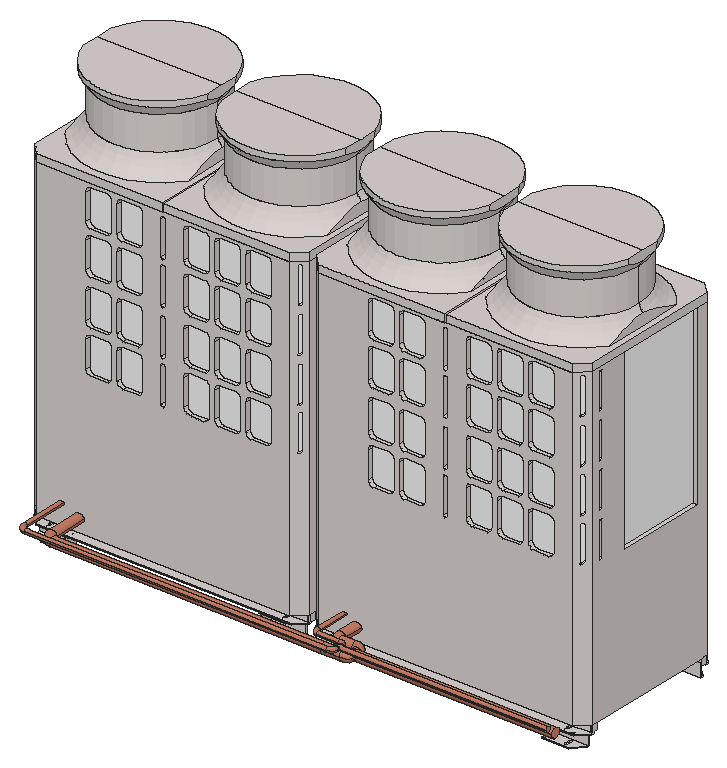
Revit family "PUHY-EP900YSNW-A", category Mechanical Equipment, Revit 2012
Parameters (values of type "PUHY-EP900YSNW-A_380V_50Hz")
  WarrantyStart = ""
  TagNumber = 0
  Sound Pressure Level (dB(A)) Heating mode = 72.5
  Sound Pressure Level (dB(A)) Cooling mode = 68.5
  Model = "PUHY-EP900YSNW-A"
  Width = 2510 mm
  Voltage = 380 V
  Unit Weight (kg) = 610
  URL = "http://www.mitsubishielectric.com/"
  Temp. range of heating (Outdoor temp.) (W.B.) = "-20.0 to 15.5"
  Temp. range of heating (Indoor temp.) (D.B.) = "15.0 to 27.0"
  Subcategory = "HVAC"
  Space View = yes
  SerialNumber = 0
  ReplacementYear = ""
  Refrigerant type = "R410A"
  Refrigerant Charge (kg) = 21.6
  Protection Devices_Inverter circuit (COMP./FAN) = "Over-heat protection, Over-current protection"
  Protection Devices_High pressure (MPa) = "High pressure sensor, High pressure switch at 4.15"
  Phase = 3
  Manufacturer = "Mitsubishi Electric Corporation"
  Outdoor unit 2 = PUHY-EP450YNW-A : PUHY-EP450YNW-A
  Outdoor unit 1 = PUHY-EP450YNW-A : PUHY-EP450YNW-A
  Note_1 = "Refrigerant pipe diameters may change depending on the installation condition. Please refer to the installation manual."
  Maximum Circuit Ampacity (A) = 67.4
  Liquid pipe_radius = 9.525 mm
  InstallationDate = ""
  Indoor Unit Total Capacity = "50 to 130% of outdoor unit capacity"
  Indoor Unit Model/Quantity = "P15 to P250/2 to 50"
  Hertz = 50 Hz
  Height = 1858 mm
  Heating Power Input (kW) = 27.07
  Heating Current (A) = 45.6
  Heating Capacity (kW) = 113
  Heating COP (kW/kW) = 4.17
  Gas pipe_radius = 20.64 mm
  Fan_Type = "Propeller Fan"
  Fan_Quantity = 4
  Fan Motor Output (kW) = 1.84
  External static pressure (Pa) = 0
  External Finish = "Pre-coated galvanized steel sheets (+powder coating for -BS type) <MUNSELL 5Y 8/1 or similar>"
  Equip_description = ""
  Equip_No. = 0
  Equip_ID = ""
  Description = ""
  Depth = 740 mm
  CreatedOn = ""
  CreatedBy = ""
  Cooling Power Input (kW) = 23.1
  Cooling EER (kW/kW) = 4.37
  Cooling Current (A) = 38.9
  Cooling Capacity (kW) = 101
  Compressor_Type = "Inverter scroll hermetic compressor"
  Compressor_Quantity = 2
  Compressor_Lubricant = "MEL32"
  Compressor Motor Output (kW) = 24.8
  Category = ""
  Barcode = ""
  AssetIdentifier = ""
  Airflow Rate (m3/min) = 610
  Airflow Rate (m3/h) = 36600
Reference planes
  plane 1 "Center (Front/Back)": y = 0
  plane 2: z = 0
  plane 3 "Center (Left/Right)": x = 0
  plane 4: y = 370
  plane 5 "front": y = -370
  plane 6: x = -1255
  plane 7: x = 1255
  plane 8: x = 15
  plane 9: x = -15
  plane 10: z = 1858
Forms (mm)
  Sweep 1, solid, material "Copper"
    path origin (1017.215, -4.248, 187) x (0, -1, 0) y (1, 0, 0)
      loop
        line (360, -2112.386) -> (570, -2112.386)
        arc (570, -2112.386) -> (591.213, -2103.6) -> (600, -2082.386) r 30
        line (600, -2082.386) -> (600, -725.507)
        arc (600, -725.507) -> (594.142, -711.365) -> (580, -705.507) r 20
        line (580, -705.507) -> (552.385, -705.507)
        arc (552.385, -705.507) -> (538.243, -711.365) -> (532.385, -725.507) r 20
        line (532.385, -725.507) -> (532.385, -821.501)
        arc (532.385, -821.501) -> (526.527, -835.643) -> (512.385, -841.501) r 20
        line (512.385, -841.501) -> (357.385, -841.501)
    profile origin (-1095.172, -469.248, 187) x (1, 0, 0) y (0, 0, 1)
      loop
        circle (0, 0) r 9.525
  Sweep 2, solid, material "Copper"
    path origin (1039.386, -4.248, 155) x (0, -1, 0) y (1, 0, 0)
      loop
        line (360, -2053) -> (520, -2053)
        arc (520, -2053) -> (544.749, -2042.749) -> (555, -2018) r 35
        line (555, -2018) -> (555, -800.253) -> (555, -715.076)
        arc (555, -715.076) -> (547.678, -697.398) -> (530, -690.076) r 25
        line (530, -690.076) -> (510, -690.076)
        arc (510, -690.076) -> (488.787, -698.863) -> (480, -720.076) r 30
        line (480, -720.076) -> (480, -781.253)
        arc (480, -781.253) -> (472.678, -798.931) -> (455, -806.253) r 25
        line (455, -806.253) -> (360, -806.253)
    profile origin (-1013.614, -444.248, 155) x (1, 0, 0) y (0, 0, 1)
      loop
        circle (0, 0) r 20.64
  Sweep 3, solid, material "Copper"
    path origin (934.386, -4.248, 187) x (0, -1, 0) y (1, 0, 0)
      loop
        line (565.96, -620) -> (565.96, 320.614)
    profile origin (784.693, -570.208, 187) x (0, 1, 0) y (0, 0, 1)
      loop
        circle (0, 0) r 9.525
  Sweep 4, solid, material "Copper"
    path origin (934.386, -4.248, 155.027) x (-1, 0, 0) y (0, -1, 0)
      loop
        line (585, 523.84) -> (-320, 523.84)
    profile origin (801.886, -528.088, 155.027) x (0, 1, 0) y (0, 0, 1)
      loop
        circle (0, 0) r 20.64
Dimensions and locks
  nested 1 to nested 1 = 1240 mm
  nested 1 to nested 2 to nested 2 = 30 mm, 1240 mm
  "Liquid pipe_radius": radius of Sweep 3 sketch curve
  "Gas pipe_radius": radius of Sweep 4 sketch curve
  aligned and locked: level to plane 2
Automatic sketch dimensions
  Sweep 1 sketch curve to plane 5 "front" = 8.366 mm
  Sweep 1 sketch curve to plane 5 "front" = 5.752 mm
  plane 5 "front" to Sweep 1 sketch curve = 146.634 mm
  Sweep 1 sketch curve to Sweep 1 sketch curve = 20 mm  (x2)
  plane 5 "front" to Sweep 1 sketch curve = 204.248 mm
  Sweep 1 sketch curve to Sweep 1 sketch curve = 27.615 mm
  Sweep 1 sketch curve to Sweep 1 sketch curve = 30 mm
  plane 6 to Sweep 1 sketch curve = 159.828 mm
  plane 3 "Center (Left/Right)" to Sweep 1 sketch curve = 175.714 mm
  Sweep 1 sketch curve to Sweep 1 sketch curve = 95.994 mm
  profile plane to Sweep 1 sketch curve = 0 mm
  Sweep 1 sketch curve to profile plane = 0 mm
  profile plane to Sweep 2 sketch curve = 0 mm
  Sweep 2 sketch curve to profile plane = 0 mm
  Sweep 3 sketch curve to profile plane = 0 mm  (x2)
  Sweep 4 sketch curve to profile plane = 0 mm  (x2)
  Sweep 3 sketch curve to plane 7 = 0 mm
  plane 5 "front" to Sweep 3 sketch curve = 200.208 mm
  plane 8 to Sweep 3 sketch curve = 299.386 mm
  Sweep 4 sketch curve to plane 7 = 0.614 mm
  plane 5 "front" to Sweep 4 sketch curve = 158.088 mm
  plane 8 to Sweep 4 sketch curve = 334.386 mm
  Sweep 2 sketch curve to plane 5 "front" = 5.752 mm  (x2)
  plane 5 "front" to Sweep 2 sketch curve = 89.248 mm
  Sweep 2 sketch curve to Sweep 2 sketch curve = 25 mm
  plane 5 "front" to Sweep 2 sketch curve = 154.248 mm
  Sweep 2 sketch curve to Sweep 2 sketch curve = 20 mm
  Sweep 2 sketch curve to Sweep 2 sketch curve = 35 mm
  plane 6 to Sweep 2 sketch curve = 241.386 mm
  plane 8 to Sweep 2 sketch curve = 218.134 mm
  Sweep 2 sketch curve to Sweep 2 sketch curve = 19 mm
  Sweep 2 sketch curve to Sweep 2 sketch curve = 61.177 mm
  Sweep 2 sketch curve to Sweep 2 sketch curve = 30 mm
  radius of Sweep 1 sketch curve = 9.525 mm
  radius of Sweep 2 sketch curve = 20.64 mm
Nested families
  nested 1: "PUHY-EP450YNW-A" at (-635, 0, 0), type <- "Outdoor unit 1", type "PUHY-EP450YNW-A"
  nested 2: "PUHY-EP450YNW-A" at (635, 0, 0), type <- "Outdoor unit 2", type "PUHY-EP450YNW-A"
Connectors
  piping at (1254.386, -528.088, 155.027), driven by "Gas pipe_radius"
    settings: on Sweep 4, index 1, connector radius 20.64 mm, flow factor 0, pipe flow 0.0 L/s, pressure drop 0.0 Pa, fitting loss kfactor 0, connector angle 0.00°, fixture units 0, engagement length 0 mm, flow configuration 0, flow direction 0, fitting loss method 0, system type 22, joint type 0, gender type 0, connector reference index -1, connector utility 0, adjustable connector no, is connector primary yes, fitting loss table "", connector description "Indoor unit-Twinning pipe(Gas)"
  piping at (1255, -570.208, 187), driven by "Liquid pipe_radius"
    settings: on Sweep 3, index 2, connector radius 9.525 mm, flow factor 0, pipe flow 0.0 L/s, pressure drop 0.0 Pa, fitting loss kfactor 0, connector angle 0.00°, fixture units 0, engagement length 0 mm, flow configuration 0, flow direction 0, fitting loss method 0, system type 22, joint type 0, gender type 0, connector reference index -1, connector utility 0, adjustable connector no, is connector primary no, fitting loss table "", connector description "Indoor unit-Twinning pipe(Liquid)"
  electrical at (319, -370, 280), driven by "Phase", driven by "Voltage"
    settings: index 4, voltage 380 V, apparent load 0 VA, apparent load phase1 0 VA, apparent load phase2 0 VA, apparent load phase3 0 VA, power factor 1, load classification "その他", number of poles 3, system type 30, power factor state 1, is connector primary yes, connector utility no, sub classification motor no, connector description ""
  electrical at (-633, -370, 280), driven by "Phase", driven by "Voltage"
    settings: index 5, voltage 380 V, apparent load 0 VA, apparent load phase1 0 VA, apparent load phase2 0 VA, apparent load phase3 0 VA, power factor 1, load classification "その他", number of poles 3, system type 30, power factor state 1, is connector primary no, connector utility no, sub classification motor no, connector description ""
Definition of nested family "PUHY-EP450YNW-A"
  Parameters (values of type "PUHY-P400YNW-A")
    Model = "PUHY-P400YNW-A"
    URL = "http://www.mitsubishielectric.com/"
    Manufacturer = "Mitsubishi Electric Corporation"
    Liquid pipe_radius = 12.7 mm
    Gas pipe_radius = 14.29 mm
  Reference planes
    plane 1 "Center (Front/Back)": y = 0
    plane 2: z = 0
    plane 3 "Center (Left/Right)": x = 0
    plane 4: y = 370
    plane 5: z = 1858
    plane 6: y = -260
    plane 7: y = -204
    plane 8: y = -185
    plane 9: x = -620
    plane 10: x = 620
    plane 11: x = -620
    plane 12: z = 716
    plane 13: x = -524
    plane 14: z = 669
    plane 15: x = -50.5
    plane 16: x = 51
    plane 17: x = 489
    plane 18: x = 467
    plane 19 "132": x = 488
    plane 20 "100": z = 160
    plane 21: z = 185
    plane 22: x = 413
    plane 23: x = 364
    plane 24: z = 150
    plane 25: x = -287.25
    plane 26: x = -137.25
    plane 27: x = -272.25
    plane 28: y = -278
    plane 29: z = 1509
    plane 30: y = -370
    plane 31: x = -530
    plane 32: x = 530
    plane 33 "179": y = -191
  Forms (mm)
    Extrusion 1, solid, material "Paint_5Y 8/1"
      sketch origin (-1, 0, 113) x (-1, 0, 0) y (0, -1, 0)
        loop
          line (569, -370) -> (619, -320) -> (619, 320) -> (569, 370) -> (-571, 370) -> (-621, 320) -> (-621, -320) -> (-571, -370) -> (569, -370)
      from -18 to 1408
    Extrusion 2, void
      sketch origin (524, -370, 113) x (1, 0, 0) y (0, 0, -1)
        loop
          arc (-60.8, -1393.5) -> (-42.557, -1385.943) -> (-35, -1367.7) r 25.8
          line (-35, -1367.7) -> (-35, -1248.5)
          arc (-35, -1248.5) -> (-42.557, -1230.257) -> (-60.8, -1222.7) r 25.8
          line (-60.8, -1222.7) -> (-126, -1222.7)
          arc (-126, -1222.7) -> (-144.243, -1230.257) -> (-151.8, -1248.5) r 25.8
          line (-151.8, -1248.5) -> (-151.8, -1367.7)
          arc (-151.8, -1367.7) -> (-144.243, -1385.943) -> (-126, -1393.5) r 25.8
          line (-126, -1393.5) -> (-60.8, -1393.5)
      from 0 to 20
    Extrusion 3, void
      sketch origin (524, -370, -81) x (1, 0, 0) y (0, 0, -1)
        loop
          arc (-60.8, -1393.5) -> (-42.557, -1385.943) -> (-35, -1367.7) r 25.8
          line (-35, -1367.7) -> (-35, -1248.5)
          arc (-35, -1248.5) -> (-42.557, -1230.257) -> (-60.8, -1222.7) r 25.8
          line (-60.8, -1222.7) -> (-126, -1222.7)
          arc (-126, -1222.7) -> (-144.243, -1230.257) -> (-151.8, -1248.5) r 25.8
          line (-151.8, -1248.5) -> (-151.8, -1367.7)
          arc (-151.8, -1367.7) -> (-144.243, -1385.943) -> (-126, -1393.5) r 25.8
          line (-126, -1393.5) -> (-60.8, -1393.5)
      from 0 to 20
    Extrusion 4, void
      sketch origin (524, -370, -287) x (1, 0, 0) y (0, 0, -1)
        loop
          arc (-60.8, -1393.5) -> (-42.557, -1385.943) -> (-35, -1367.7) r 25.8
          line (-35, -1367.7) -> (-35, -1248.5)
          arc (-35, -1248.5) -> (-42.557, -1230.257) -> (-60.8, -1222.7) r 25.8
          line (-60.8, -1222.7) -> (-126, -1222.7)
          arc (-126, -1222.7) -> (-144.243, -1230.257) -> (-151.8, -1248.5) r 25.8
          line (-151.8, -1248.5) -> (-151.8, -1367.7)
          arc (-151.8, -1367.7) -> (-144.243, -1385.943) -> (-126, -1393.5) r 25.8
          line (-126, -1393.5) -> (-60.8, -1393.5)
      from 0 to 20
    Extrusion 5, void
      sketch origin (524, -370, -481) x (1, 0, 0) y (0, 0, -1)
        loop
          arc (-60.8, -1393.5) -> (-42.557, -1385.943) -> (-35, -1367.7) r 25.8
          line (-35, -1367.7) -> (-35, -1248.5)
          arc (-35, -1248.5) -> (-42.557, -1230.257) -> (-60.8, -1222.7) r 25.8
          line (-60.8, -1222.7) -> (-126, -1222.7)
          arc (-126, -1222.7) -> (-144.243, -1230.257) -> (-151.8, -1248.5) r 25.8
          line (-151.8, -1248.5) -> (-151.8, -1367.7)
          arc (-151.8, -1367.7) -> (-144.243, -1385.943) -> (-126, -1393.5) r 25.8
          line (-126, -1393.5) -> (-60.8, -1393.5)
      from 0 to 20
    Extrusion 6, void
      sketch origin (384, -370, 113) x (1, 0, 0) y (0, 0, -1)
        loop
          arc (-60.8, -1393.5) -> (-42.557, -1385.943) -> (-35, -1367.7) r 25.8
          line (-35, -1367.7) -> (-35, -1248.5)
          arc (-35, -1248.5) -> (-42.557, -1230.257) -> (-60.8, -1222.7) r 25.8
          line (-60.8, -1222.7) -> (-126, -1222.7)
          arc (-126, -1222.7) -> (-144.243, -1230.257) -> (-151.8, -1248.5) r 25.8
          line (-151.8, -1248.5) -> (-151.8, -1367.7)
          arc (-151.8, -1367.7) -> (-144.243, -1385.943) -> (-126, -1393.5) r 25.8
          line (-126, -1393.5) -> (-60.8, -1393.5)
      from 0 to 20
    Extrusion 7, void
      sketch origin (384, -370, -81) x (1, 0, 0) y (0, 0, -1)
        loop
          arc (-60.8, -1393.5) -> (-42.557, -1385.943) -> (-35, -1367.7) r 25.8
          line (-35, -1367.7) -> (-35, -1248.5)
          arc (-35, -1248.5) -> (-42.557, -1230.257) -> (-60.8, -1222.7) r 25.8
          line (-60.8, -1222.7) -> (-126, -1222.7)
          arc (-126, -1222.7) -> (-144.243, -1230.257) -> (-151.8, -1248.5) r 25.8
          line (-151.8, -1248.5) -> (-151.8, -1367.7)
          arc (-151.8, -1367.7) -> (-144.243, -1385.943) -> (-126, -1393.5) r 25.8
          line (-126, -1393.5) -> (-60.8, -1393.5)
      from 0 to 20
    Extrusion 8, void
      sketch origin (384, -370, -287) x (1, 0, 0) y (0, 0, -1)
        loop
          arc (-60.8, -1393.5) -> (-42.557, -1385.943) -> (-35, -1367.7) r 25.8
          line (-35, -1367.7) -> (-35, -1248.5)
          arc (-35, -1248.5) -> (-42.557, -1230.257) -> (-60.8, -1222.7) r 25.8
          line (-60.8, -1222.7) -> (-126, -1222.7)
          arc (-126, -1222.7) -> (-144.243, -1230.257) -> (-151.8, -1248.5) r 25.8
          line (-151.8, -1248.5) -> (-151.8, -1367.7)
          arc (-151.8, -1367.7) -> (-144.243, -1385.943) -> (-126, -1393.5) r 25.8
          line (-126, -1393.5) -> (-60.8, -1393.5)
      from 0 to 20
    Extrusion 9, void
      sketch origin (384, -370, -481) x (1, 0, 0) y (0, 0, -1)
        loop
          arc (-60.8, -1393.5) -> (-42.557, -1385.943) -> (-35, -1367.7) r 25.8
          line (-35, -1367.7) -> (-35, -1248.5)
          arc (-35, -1248.5) -> (-42.557, -1230.257) -> (-60.8, -1222.7) r 25.8
          line (-60.8, -1222.7) -> (-126, -1222.7)
          arc (-126, -1222.7) -> (-144.243, -1230.257) -> (-151.8, -1248.5) r 25.8
          line (-151.8, -1248.5) -> (-151.8, -1367.7)
          arc (-151.8, -1367.7) -> (-144.243, -1385.943) -> (-126, -1393.5) r 25.8
          line (-126, -1393.5) -> (-60.8, -1393.5)
      from 0 to 20
    Extrusion 10, void
      sketch origin (244, -370, 113) x (1, 0, 0) y (0, 0, -1)
        loop
          arc (-60.8, -1393.5) -> (-42.557, -1385.943) -> (-35, -1367.7) r 25.8
          line (-35, -1367.7) -> (-35, -1248.5)
          arc (-35, -1248.5) -> (-42.557, -1230.257) -> (-60.8, -1222.7) r 25.8
          line (-60.8, -1222.7) -> (-126, -1222.7)
          arc (-126, -1222.7) -> (-144.243, -1230.257) -> (-151.8, -1248.5) r 25.8
          line (-151.8, -1248.5) -> (-151.8, -1367.7)
          arc (-151.8, -1367.7) -> (-144.243, -1385.943) -> (-126, -1393.5) r 25.8
          line (-126, -1393.5) -> (-60.8, -1393.5)
      from 0 to 20
    Extrusion 11, void
      sketch origin (244, -370, -81) x (1, 0, 0) y (0, 0, -1)
        loop
          arc (-60.8, -1393.5) -> (-42.557, -1385.943) -> (-35, -1367.7) r 25.8
          line (-35, -1367.7) -> (-35, -1248.5)
          arc (-35, -1248.5) -> (-42.557, -1230.257) -> (-60.8, -1222.7) r 25.8
          line (-60.8, -1222.7) -> (-126, -1222.7)
          arc (-126, -1222.7) -> (-144.243, -1230.257) -> (-151.8, -1248.5) r 25.8
          line (-151.8, -1248.5) -> (-151.8, -1367.7)
          arc (-151.8, -1367.7) -> (-144.243, -1385.943) -> (-126, -1393.5) r 25.8
          line (-126, -1393.5) -> (-60.8, -1393.5)
      from 0 to 20
    Extrusion 12, void
      sketch origin (244, -370, -287) x (1, 0, 0) y (0, 0, -1)
        loop
          arc (-60.8, -1393.5) -> (-42.557, -1385.943) -> (-35, -1367.7) r 25.8
          line (-35, -1367.7) -> (-35, -1248.5)
          arc (-35, -1248.5) -> (-42.557, -1230.257) -> (-60.8, -1222.7) r 25.8
          line (-60.8, -1222.7) -> (-126, -1222.7)
          arc (-126, -1222.7) -> (-144.243, -1230.257) -> (-151.8, -1248.5) r 25.8
          line (-151.8, -1248.5) -> (-151.8, -1367.7)
          arc (-151.8, -1367.7) -> (-144.243, -1385.943) -> (-126, -1393.5) r 25.8
          line (-126, -1393.5) -> (-60.8, -1393.5)
      from 0 to 20
    Extrusion 13, void
      sketch origin (244, -370, -481) x (1, 0, 0) y (0, 0, -1)
        loop
          arc (-60.8, -1393.5) -> (-42.557, -1385.943) -> (-35, -1367.7) r 25.8
          line (-35, -1367.7) -> (-35, -1248.5)
          arc (-35, -1248.5) -> (-42.557, -1230.257) -> (-60.8, -1222.7) r 25.8
          line (-60.8, -1222.7) -> (-126, -1222.7)
          arc (-126, -1222.7) -> (-144.243, -1230.257) -> (-151.8, -1248.5) r 25.8
          line (-151.8, -1248.5) -> (-151.8, -1367.7)
          arc (-151.8, -1367.7) -> (-144.243, -1385.943) -> (-126, -1393.5) r 25.8
          line (-126, -1393.5) -> (-60.8, -1393.5)
      from 0 to 20
    Extrusion 14, void
      sketch origin (-56, -370, 113) x (1, 0, 0) y (0, 0, -1)
        loop
          arc (-60.8, -1393.5) -> (-42.557, -1385.943) -> (-35, -1367.7) r 25.8
          line (-35, -1367.7) -> (-35, -1248.5)
          arc (-35, -1248.5) -> (-42.557, -1230.257) -> (-60.8, -1222.7) r 25.8
          line (-60.8, -1222.7) -> (-126, -1222.7)
          arc (-126, -1222.7) -> (-144.243, -1230.257) -> (-151.8, -1248.5) r 25.8
          line (-151.8, -1248.5) -> (-151.8, -1367.7)
          arc (-151.8, -1367.7) -> (-144.243, -1385.943) -> (-126, -1393.5) r 25.8
          line (-126, -1393.5) -> (-60.8, -1393.5)
      from 0 to 20
    Extrusion 15, void
      sketch origin (-56, -370, -81) x (1, 0, 0) y (0, 0, -1)
        loop
          arc (-60.8, -1393.5) -> (-42.557, -1385.943) -> (-35, -1367.7) r 25.8
          line (-35, -1367.7) -> (-35, -1248.5)
          arc (-35, -1248.5) -> (-42.557, -1230.257) -> (-60.8, -1222.7) r 25.8
          line (-60.8, -1222.7) -> (-126, -1222.7)
          arc (-126, -1222.7) -> (-144.243, -1230.257) -> (-151.8, -1248.5) r 25.8
          line (-151.8, -1248.5) -> (-151.8, -1367.7)
          arc (-151.8, -1367.7) -> (-144.243, -1385.943) -> (-126, -1393.5) r 25.8
          line (-126, -1393.5) -> (-60.8, -1393.5)
      from 0 to 20
    Extrusion 16, void
      sketch origin (-56, -370, -287) x (1, 0, 0) y (0, 0, -1)
        loop
          arc (-60.8, -1393.5) -> (-42.557, -1385.943) -> (-35, -1367.7) r 25.8
          line (-35, -1367.7) -> (-35, -1248.5)
          arc (-35, -1248.5) -> (-42.557, -1230.257) -> (-60.8, -1222.7) r 25.8
          line (-60.8, -1222.7) -> (-126, -1222.7)
          arc (-126, -1222.7) -> (-144.243, -1230.257) -> (-151.8, -1248.5) r 25.8
          line (-151.8, -1248.5) -> (-151.8, -1367.7)
          arc (-151.8, -1367.7) -> (-144.243, -1385.943) -> (-126, -1393.5) r 25.8
          line (-126, -1393.5) -> (-60.8, -1393.5)
      from 0 to 20
    Extrusion 17, void
      sketch origin (-56, -370, -481) x (1, 0, 0) y (0, 0, -1)
        loop
          arc (-60.8, -1393.5) -> (-42.557, -1385.943) -> (-35, -1367.7) r 25.8
          line (-35, -1367.7) -> (-35, -1248.5)
          arc (-35, -1248.5) -> (-42.557, -1230.257) -> (-60.8, -1222.7) r 25.8
          line (-60.8, -1222.7) -> (-126, -1222.7)
          arc (-126, -1222.7) -> (-144.243, -1230.257) -> (-151.8, -1248.5) r 25.8
          line (-151.8, -1248.5) -> (-151.8, -1367.7)
          arc (-151.8, -1367.7) -> (-144.243, -1385.943) -> (-126, -1393.5) r 25.8
          line (-126, -1393.5) -> (-60.8, -1393.5)
      from 0 to 20
    Extrusion 18, void
      sketch origin (-196, -370, 113) x (1, 0, 0) y (0, 0, -1)
        loop
          arc (-60.8, -1393.5) -> (-42.557, -1385.943) -> (-35, -1367.7) r 25.8
          line (-35, -1367.7) -> (-35, -1248.5)
          arc (-35, -1248.5) -> (-42.557, -1230.257) -> (-60.8, -1222.7) r 25.8
          line (-60.8, -1222.7) -> (-126, -1222.7)
          arc (-126, -1222.7) -> (-144.243, -1230.257) -> (-151.8, -1248.5) r 25.8
          line (-151.8, -1248.5) -> (-151.8, -1367.7)
          arc (-151.8, -1367.7) -> (-144.243, -1385.943) -> (-126, -1393.5) r 25.8
          line (-126, -1393.5) -> (-60.8, -1393.5)
      from 0 to 20
    Extrusion 19, void
      sketch origin (-196, -370, -81) x (1, 0, 0) y (0, 0, -1)
        loop
          arc (-60.8, -1393.5) -> (-42.557, -1385.943) -> (-35, -1367.7) r 25.8
          line (-35, -1367.7) -> (-35, -1248.5)
          arc (-35, -1248.5) -> (-42.557, -1230.257) -> (-60.8, -1222.7) r 25.8
          line (-60.8, -1222.7) -> (-126, -1222.7)
          arc (-126, -1222.7) -> (-144.243, -1230.257) -> (-151.8, -1248.5) r 25.8
          line (-151.8, -1248.5) -> (-151.8, -1367.7)
          arc (-151.8, -1367.7) -> (-144.243, -1385.943) -> (-126, -1393.5) r 25.8
          line (-126, -1393.5) -> (-60.8, -1393.5)
      from 0 to 20
    Extrusion 20, void
      sketch origin (-196, -370, -287) x (1, 0, 0) y (0, 0, -1)
        loop
          arc (-60.8, -1393.5) -> (-42.557, -1385.943) -> (-35, -1367.7) r 25.8
          line (-35, -1367.7) -> (-35, -1248.5)
          arc (-35, -1248.5) -> (-42.557, -1230.257) -> (-60.8, -1222.7) r 25.8
          line (-60.8, -1222.7) -> (-126, -1222.7)
          arc (-126, -1222.7) -> (-144.243, -1230.257) -> (-151.8, -1248.5) r 25.8
          line (-151.8, -1248.5) -> (-151.8, -1367.7)
          arc (-151.8, -1367.7) -> (-144.243, -1385.943) -> (-126, -1393.5) r 25.8
          line (-126, -1393.5) -> (-60.8, -1393.5)
      from 0 to 20
    Extrusion 21, void
      sketch origin (-196, -370, -481) x (1, 0, 0) y (0, 0, -1)
        loop
          arc (-60.8, -1393.5) -> (-42.557, -1385.943) -> (-35, -1367.7) r 25.8
          line (-35, -1367.7) -> (-35, -1248.5)
          arc (-35, -1248.5) -> (-42.557, -1230.257) -> (-60.8, -1222.7) r 25.8
          line (-60.8, -1222.7) -> (-126, -1222.7)
          arc (-126, -1222.7) -> (-144.243, -1230.257) -> (-151.8, -1248.5) r 25.8
          line (-151.8, -1248.5) -> (-151.8, -1367.7)
          arc (-151.8, -1367.7) -> (-144.243, -1385.943) -> (-126, -1393.5) r 25.8
          line (-126, -1393.5) -> (-60.8, -1393.5)
      from 0 to 20
    Extrusion 22, void
      sketch origin (620, 320, 113) x (0, 1, 0) y (0, 0, -1)
        loop
          line (-462.3, -1408) -> (-50.8, -1408) -> (-50.8, -612) -> (-462.3, -612) -> (-462.3, -1408)
      from 0 to 20
    Extrusion 23, void
      sketch origin (-620, -320, 113) x (0, -1, 0) y (0, 0, -1)
        loop
          line (-535.7, -1408) -> (-207.7, -1408) -> (-207.7, -592) -> (-535.7, -592) -> (-535.7, -1408)
      from 0 to 20
    Extrusion 24, void
      sketch origin (194.892, 370, 113) x (-1, 0, 0) y (0, 0, -1)
        loop
          arc (204.892, -1225.013) -> (194.892, -1215.013) -> (184.892, -1225.013) r 10
          line (184.892, -1225.013) -> (184.892, -1379.987)
          arc (184.892, -1379.987) -> (194.892, -1389.987) -> (204.892, -1379.987) r 10
          line (204.892, -1379.987) -> (204.892, -1225.013)
        loop
          arc (204.892, -1031.013) -> (194.892, -1021.013) -> (184.892, -1031.013) r 10
          line (184.892, -1031.013) -> (184.892, -1185.987)
          arc (184.892, -1185.987) -> (194.892, -1195.987) -> (204.892, -1185.987) r 10
          line (204.892, -1185.987) -> (204.892, -1031.013)
        loop
          arc (204.892, -825.013) -> (194.892, -815.013) -> (184.892, -825.013) r 10
          line (184.892, -825.013) -> (184.892, -979.987)
          arc (184.892, -979.987) -> (194.892, -989.987) -> (204.892, -979.987) r 10
          line (204.892, -979.987) -> (204.892, -825.013)
        loop
          arc (204.892, -631.013) -> (194.892, -621.013) -> (184.892, -631.013) r 10
          line (184.892, -631.013) -> (184.892, -785.987)
          arc (184.892, -785.987) -> (194.892, -795.987) -> (204.892, -785.987) r 10
          line (204.892, -785.987) -> (204.892, -631.013)
      from 0 to 20
    Extrusion 25, void
      sketch origin (-570, 370, 113) x (0.707107, 0.707107, 0) y (0, 0, 1)
        loop
          arc (-45.355, 1236) -> (-35.355, 1226) -> (-25.355, 1236) r 10
          line (-25.355, 1236) -> (-25.355, 1386)
          arc (-25.355, 1386) -> (-35.355, 1396) -> (-45.355, 1386) r 10
          line (-45.355, 1386) -> (-45.355, 1236)
        loop
          arc (-45.355, 1036) -> (-35.355, 1026) -> (-25.355, 1036) r 10
          line (-25.355, 1036) -> (-25.355, 1186)
          arc (-25.355, 1186) -> (-35.355, 1196) -> (-45.355, 1186) r 10
          line (-45.355, 1186) -> (-45.355, 1036)
        loop
          arc (-45.355, 836) -> (-35.355, 826) -> (-25.355, 836) r 10
          line (-25.355, 836) -> (-25.355, 986)
          arc (-25.355, 986) -> (-35.355, 996) -> (-45.355, 986) r 10
          line (-45.355, 986) -> (-45.355, 836)
        loop
          arc (-45.355, 641) -> (-35.355, 631) -> (-25.355, 641) r 10
          line (-25.355, 641) -> (-25.355, 791)
          arc (-25.355, 791) -> (-35.355, 801) -> (-45.355, 791) r 10
          line (-45.355, 791) -> (-45.355, 641)
      from 0 to 20
    Extrusion 26, void
      sketch origin (-620, -320, 113) x (0, -1, 0) y (0, 0, -1)
        loop
          line (-607.846, -1035.895) -> (-607.846, -1186.105)
          arc (-607.846, -1186.105) -> (-597.846, -1196.105) -> (-587.846, -1186.105) r 10
          line (-587.846, -1186.105) -> (-587.846, -1035.895)
          arc (-587.846, -1035.895) -> (-597.846, -1025.895) -> (-607.846, -1035.895) r 10
        loop
          line (-607.846, -835.895) -> (-607.846, -986.105)
          arc (-607.846, -986.105) -> (-597.846, -996.105) -> (-587.846, -986.105) r 10
          line (-587.846, -986.105) -> (-587.846, -835.895)
          arc (-587.846, -835.895) -> (-597.846, -825.895) -> (-607.846, -835.895) r 10
        loop
          line (-607.846, -1235.895) -> (-607.846, -1386.105)
          arc (-607.846, -1386.105) -> (-597.846, -1396.105) -> (-587.846, -1386.105) r 10
          line (-587.846, -1386.105) -> (-587.846, -1235.895)
          arc (-587.846, -1235.895) -> (-597.846, -1225.895) -> (-607.846, -1235.895) r 10
        loop
          line (-607.846, -635.895) -> (-607.846, -786.105)
          arc (-607.846, -786.105) -> (-597.846, -796.105) -> (-587.846, -786.105) r 10
          line (-587.846, -786.105) -> (-587.846, -635.895)
          arc (-587.846, -635.895) -> (-597.846, -625.895) -> (-607.846, -635.895) r 10
      from 0 to 20
    Extrusion 27, void
      sketch origin (1079, -370, 113) x (1, 0, 0) y (0, 0, -1)
        loop
          arc (-1089, -1379.975) -> (-1079, -1389.975) -> (-1069, -1379.975) r 10
          line (-1069, -1379.975) -> (-1069, -1225)
          arc (-1069, -1225) -> (-1079, -1215) -> (-1089, -1225) r 10
          line (-1089, -1225) -> (-1089, -1379.975)
        loop
          arc (-1089, -1185.975) -> (-1079, -1195.975) -> (-1069, -1185.975) r 10
          line (-1069, -1185.975) -> (-1069, -1031)
          arc (-1069, -1031) -> (-1079, -1021) -> (-1089, -1031) r 10
          line (-1089, -1031) -> (-1089, -1185.975)
        loop
          arc (-1089, -979.975) -> (-1079, -989.975) -> (-1069, -979.975) r 10
          line (-1069, -979.975) -> (-1069, -825)
          arc (-1069, -825) -> (-1079, -815) -> (-1089, -825) r 10
          line (-1089, -825) -> (-1089, -979.975)
        loop
          arc (-1089, -785.975) -> (-1079, -795.975) -> (-1069, -785.975) r 10
          line (-1069, -785.975) -> (-1069, -631)
          arc (-1069, -631) -> (-1079, -621) -> (-1089, -631) r 10
          line (-1089, -631) -> (-1089, -785.975)
      from 0 to 20
    Extrusion 28, void
      sketch origin (-571, 370, 113) x (-1, 0, 0) y (0, 0, -1)
        loop
          line (-519.5, -1408) -> (-48, -1408) -> (-48, -556) -> (-519.5, -556) -> (-519.5, -1408)
      from 0 to 20
    Extrusion 29, void
      sketch origin (-571, 370, 113) x (-1, 0, 0) y (0, 0, -1)
        loop
          line (-1038, -1408) -> (-622, -1408) -> (-622, -556) -> (-1038, -556) -> (-1038, -1408)
      from 0 to 20
    Extrusion 30, void
      sketch origin (620, 320, 113) x (0, 1, 0) y (0, 0, -1)
        loop
          arc (-588, -1035.791) -> (-598, -1025.791) -> (-608, -1035.791) r 10
          line (-608, -1035.791) -> (-608, -1186)
          arc (-608, -1186) -> (-598, -1196) -> (-588, -1186) r 10
          line (-588, -1186) -> (-588, -1035.791)
        loop
          arc (-588, -835.791) -> (-598, -825.791) -> (-608, -835.791) r 10
          line (-608, -835.791) -> (-608, -986)
          arc (-608, -986) -> (-598, -996) -> (-588, -986) r 10
          line (-588, -986) -> (-588, -835.791)
        loop
          arc (-588, -1235.791) -> (-598, -1225.791) -> (-608, -1235.791) r 10
          line (-608, -1235.791) -> (-608, -1386)
          arc (-608, -1386) -> (-598, -1396) -> (-588, -1386) r 10
          line (-588, -1386) -> (-588, -1235.791)
        loop
          arc (-588, -635.791) -> (-598, -625.791) -> (-608, -635.791) r 10
          line (-608, -635.791) -> (-608, -786)
          arc (-608, -786) -> (-598, -796) -> (-588, -786) r 10
          line (-588, -786) -> (-588, -635.791)
      from 0 to 20
    Extrusion 31, void
      sketch origin (1291.751, 351.751, 113) x (0.707107, 0.707107, 0) y (0, 0, -1)
        loop
          line (-995.311, -1236) -> (-995.311, -1386)
          arc (-995.311, -1386) -> (-985.311, -1396) -> (-975.311, -1386) r 10
          line (-975.311, -1386) -> (-975.311, -1236)
          arc (-975.311, -1236) -> (-985.311, -1226) -> (-995.311, -1236) r 10
        loop
          line (-995.311, -1036) -> (-995.311, -1186)
          arc (-995.311, -1186) -> (-985.311, -1196) -> (-975.311, -1186) r 10
          line (-975.311, -1186) -> (-975.311, -1036)
          arc (-975.311, -1036) -> (-985.311, -1026) -> (-995.311, -1036) r 10
        loop
          line (-995.311, -836) -> (-995.311, -986)
          arc (-995.311, -986) -> (-985.311, -996) -> (-975.311, -986) r 10
          line (-975.311, -986) -> (-975.311, -836)
          arc (-975.311, -836) -> (-985.311, -826) -> (-995.311, -836) r 10
        loop
          line (-995.311, -641) -> (-995.311, -791)
          arc (-995.311, -791) -> (-985.311, -801) -> (-975.311, -791) r 10
          line (-975.311, -791) -> (-975.311, -641)
          arc (-975.311, -641) -> (-985.311, -631) -> (-995.311, -641) r 10
      from 0 to 20
    Extrusion 32, void
      sketch origin (0, -191, 0) x (-1, 0, 0) y (0, 0, 1)
        loop
          circle (460, 176) r 6.35
      from 0 to 78.7
    Extrusion 33, void
      sketch origin (0, -191, 0) x (-1, 0, 0) y (0, 0, 1)
        loop
          circle (377, 176) r 14.29
      from 0 to 78.7
  Cuts and joins
    Extrusion 2, Extrusion 3, Extrusion 4, Extrusion 5, Extrusion 6, Extrusion 7, Extrusion 8, Extrusion 9, Extrusion 10, Extrusion 11, Extrusion 12, Extrusion 13, Extrusion 14, Extrusion 15, Extrusion 16, Extrusion 17, Extrusion 18, Extrusion 19, Extrusion 20, Extrusion 21, Extrusion 22, Extrusion 23, Extrusion 24, Extrusion 25, Extrusion 26, Extrusion 27, Extrusion 28, Extrusion 29, Extrusion 30, Extrusion 31, Extrusion 32, Extrusion 33 cuts Extrusion 1
  Lines and regions (mm)
    model lines
      curve 1: line (-351, -291, 95) -> (-481, -291, 95)
      curve 2: line (-342, -206, 95) -> (-342, -282, 95)
      curve 3: line (-481, -197, 95) -> (-351, -197, 95)
      curve 4: line (-492, -280, 95) -> (-492, -208, 95)
      curve 5: arc (-492, -280, 95) -> (-488.778, -287.778, 95) -> (-481, -291, 95) r 11
      curve 6: arc (-351, -291, 95) -> (-344.636, -288.364, 95) -> (-342, -282, 95) r 9
      curve 7: arc (-342, -206, 95) -> (-344.636, -199.636, 95) -> (-351, -197, 95) r 9
      curve 8: arc (-481, -197, 95) -> (-488.778, -200.222, 95) -> (-492, -208, 95) r 11
      curve 9: line (-30, -370, 1521) -> (-30, -370, 95)
      curve 10: line (30, -370, 1521) -> (30, -370, 95)
      curve 11: line (-485, -370, 215) -> (-357, -370, 215)
      curve 12: line (-495, -370, 141) -> (-495, -370, 205)
      curve 13: line (-357, -370, 131) -> (-485, -370, 131)
      curve 14: line (-347, -370, 205) -> (-347, -370, 141)
      curve 15: arc (-485, -370, 215) -> (-492.071, -370, 212.071) -> (-495, -370, 205) r 10
      curve 16: arc (-495, -370, 141) -> (-492.071, -370, 133.929) -> (-485, -370, 131) r 10
      curve 17: arc (-357, -370, 131) -> (-349.929, -370, 133.929) -> (-347, -370, 141) r 10
      curve 18: arc (-347, -370, 205) -> (-349.929, -370, 212.071) -> (-357, -370, 215) r 10
      curve 19: line (-405, -370, 1521) -> (-405, -370, 716)
      curve 20: line (620, -162.3, 1521) -> (620, -162.3, 95)
      curve 21: line (620, 289.2, 1521) -> (620, 289.2, 95)
      curve 22: line (620, -162.3, 705) -> (620, 289.2, 705)
      curve 23: line (620, -162.3, 725) -> (620, 289.2, 725)
      curve 24: line (620, -76.8, 583) -> (620, 203.2, 583)
      curve 25: line (620, 203.2, 563) -> (620, -76.8, 563)
      curve 26: arc (620, -76.8, 583) -> (620, -83.871, 580.071) -> (620, -86.8, 573) r 10
      curve 27: arc (620, -76.8, 563) -> (620, -83.871, 565.929) -> (620, -86.8, 573) r 10
      curve 28: arc (620, 203.2, 583) -> (620, 210.271, 580.071) -> (620, 213.2, 573) r 10
      curve 29: arc (620, 203.2, 563) -> (620, 210.271, 565.929) -> (620, 213.2, 573) r 10
      curve 30: line (620, -76.8, 478) -> (620, 203.2, 478)
      curve 31: line (620, 203.2, 458) -> (620, -76.8, 458)
      curve 32: arc (620, -76.8, 478) -> (620, -83.871, 475.071) -> (620, -86.8, 468) r 10
      curve 33: arc (620, -76.8, 458) -> (620, -83.871, 460.929) -> (620, -86.8, 468) r 10
      curve 34: arc (620, 203.2, 478) -> (620, 210.271, 475.071) -> (620, 213.2, 468) r 10
      curve 35: arc (620, 203.2, 458) -> (620, 210.271, 460.929) -> (620, 213.2, 468) r 10
      curve 36: line (620, -76.8, 373) -> (620, 203.2, 373)
      curve 37: line (620, 203.2, 353) -> (620, -76.8, 353)
      curve 38: arc (620, -76.8, 373) -> (620, -83.871, 370.071) -> (620, -86.8, 363) r 10
      curve 39: arc (620, -76.8, 353) -> (620, -83.871, 355.929) -> (620, -86.8, 363) r 10
      curve 40: arc (620, 203.2, 373) -> (620, 210.271, 370.071) -> (620, 213.2, 363) r 10
      curve 41: arc (620, 203.2, 353) -> (620, 210.271, 355.929) -> (620, 213.2, 363) r 10
      curve 42: line (620, -76.8, 268) -> (620, 203.2, 268)
      curve 43: line (620, 203.2, 248) -> (620, -76.8, 248)
      curve 44: arc (620, -76.8, 268) -> (620, -83.871, 265.071) -> (620, -86.8, 258) r 10
      curve 45: arc (620, -76.8, 248) -> (620, -83.871, 250.929) -> (620, -86.8, 258) r 10
      curve 46: arc (620, 203.2, 268) -> (620, 210.271, 265.071) -> (620, 213.2, 258) r 10
      curve 47: arc (620, 203.2, 248) -> (620, 210.271, 250.929) -> (620, 213.2, 258) r 10
      curve 48: line (-620, -162.3, 1521) -> (-620, -162.3, 95)
      curve 49: line (-620, 235.7, 1521) -> (-620, 235.7, 95)
      curve 50: line (-620, -112.3, 1521) -> (-620, -112.3, 705)
      curve 51: line (-620, 215.7, 1521) -> (-620, 215.7, 705)
      curve 52: line (-620, 235.7, 705) -> (-620, -162.3, 705)
      curve 53: line (-620, 176.7, 268) -> (-620, -103.3, 268)
      curve 54: line (-620, -103.3, 248) -> (-620, 176.7, 248)
      curve 55: arc (-620, 186.7, 258) -> (-620, 183.771, 265.071) -> (-620, 176.7, 268) r 10
      curve 56: arc (-620, 176.7, 248) -> (-620, 183.771, 250.929) -> (-620, 186.7, 258) r 10
      curve 57: arc (-620, -103.3, 268) -> (-620, -110.371, 265.071) -> (-620, -113.3, 258) r 10
      curve 58: arc (-620, -113.3, 258) -> (-620, -110.371, 250.929) -> (-620, -103.3, 248) r 10
      curve 59: line (-620, 176.7, 373) -> (-620, -103.3, 373)
      curve 60: line (-620, -103.3, 353) -> (-620, 176.7, 353)
      curve 61: arc (-620, 186.7, 363) -> (-620, 183.771, 370.071) -> (-620, 176.7, 373) r 10
      curve 62: arc (-620, 176.7, 353) -> (-620, 183.771, 355.929) -> (-620, 186.7, 363) r 10
      curve 63: arc (-620, -103.3, 373) -> (-620, -110.371, 370.071) -> (-620, -113.3, 363) r 10
      curve 64: arc (-620, -113.3, 363) -> (-620, -110.371, 355.929) -> (-620, -103.3, 353) r 10
      curve 65: line (-620, 176.7, 478) -> (-620, -103.3, 478)
      curve 66: line (-620, -103.3, 458) -> (-620, 176.7, 458)
      curve 67: arc (-620, 186.7, 468) -> (-620, 183.771, 475.071) -> (-620, 176.7, 478) r 10
      curve 68: arc (-620, 176.7, 458) -> (-620, 183.771, 460.929) -> (-620, 186.7, 468) r 10
      curve 69: arc (-620, -103.3, 478) -> (-620, -110.371, 475.071) -> (-620, -113.3, 468) r 10
      curve 70: arc (-620, -113.3, 468) -> (-620, -110.371, 460.929) -> (-620, -103.3, 458) r 10
      curve 71: line (-620, 176.7, 583) -> (-620, -103.3, 583)
      curve 72: line (-620, -103.3, 563) -> (-620, 176.7, 563)
      curve 73: arc (-620, 186.7, 573) -> (-620, 183.771, 580.071) -> (-620, 176.7, 583) r 10
      curve 74: arc (-620, 176.7, 563) -> (-620, 183.771, 565.929) -> (-620, 186.7, 573) r 10
      curve 75: arc (-620, -103.3, 583) -> (-620, -110.371, 580.071) -> (-620, -113.3, 573) r 10
      curve 76: arc (-620, -113.3, 573) -> (-620, -110.371, 565.929) -> (-620, -103.3, 563) r 10
      curve 77: line (-544, 370, 1521) -> (-544, 370, 95)
      curve 78: line (489, 370, 649) -> (30, 370, 649)
      curve 79: line (-30.5, 370, 649) -> (-544, 370, 649)
      curve 80: line (-147.25, 370, 584) -> (-427.25, 370, 584)
      curve 81: line (-427.25, 370, 564) -> (-147.25, 370, 564)
      curve 82: arc (-137.25, 370, 574) -> (-140.179, 370, 581.071) -> (-147.25, 370, 584) r 10
      curve 83: arc (-147.25, 370, 564) -> (-140.179, 370, 566.929) -> (-137.25, 370, 574) r 10
      curve 84: arc (-427.25, 370, 584) -> (-434.321, 370, 581.071) -> (-437.25, 370, 574) r 10
      curve 85: arc (-437.25, 370, 574) -> (-434.321, 370, 566.929) -> (-427.25, 370, 564) r 10
      curve 86: circle (448, -185, 1521) r 15 normal (0, 0, 1)
      curve 87: circle (468, -185, 95) r 26 normal (0, 0, 1)
      curve 88: circle (448, -260, 95) r 32.5 normal (0, 0, 1)
      curve 89: circle (404, -204, 95) r 17 normal (0, 0, 1)
      curve 90: line (-550, -370, 1521) -> (-550, -370, 95)
      curve 91: line (-550, -370, 716) -> (-30, -370, 716)
      curve 92: line (550, -370, 95) -> (550, -370, 1521)
      curve 93: line (30, -370, 716) -> (550, -370, 716)
      curve 94: line (-30.5, 370, 1521) -> (-30.5, 370, 95)
      curve 95: line (30, 370, 1521) -> (30, 370, 95)
      curve 96: line (489, 370, 1521) -> (489, 370, 95)
      curve 97: line (467, 370, 669) -> (467, 370, 649)
      curve 98: line (-352, -370, 223) -> (-550, -370, 223)
      curve 99: line (-342, -370, 213) -> (-342, -370, 95)
      curve 100: arc (-342, -370, 213) -> (-344.929, -370, 220.071) -> (-352, -370, 223) r 10
      curve 101: circle (488, -370, 160) r 32.5 normal (0, -1, 0)
      curve 102: circle (488, -370, 160) r 20 normal (0, -1, 0)
      curve 103: circle (364, -370, 150) r 17 normal (0, -1, 0)
      curve 104: circle (413, -370, 185) r 26 normal (0, -1, 0)
      curve 105: circle (413, -370, 185) r 13.5 normal (0, -1, 0)
      curve 106: line (352, -370, 223) -> (550, -370, 223)
      curve 107: line (342, -370, 213) -> (342, -370, 95)
      curve 108: arc (342, -370, 213) -> (344.929, -370, 220.071) -> (352, -370, 223) r 10
      curve 109: line (-147.25, 370, 479) -> (-427.25, 370, 479)
      curve 110: line (-427.25, 370, 459) -> (-147.25, 370, 459)
      curve 111: arc (-137.25, 370, 469) -> (-140.179, 370, 476.071) -> (-147.25, 370, 479) r 10
      curve 112: arc (-147.25, 370, 459) -> (-140.179, 370, 461.929) -> (-137.25, 370, 469) r 10
      curve 113: arc (-427.25, 370, 479) -> (-434.321, 370, 476.071) -> (-437.25, 370, 469) r 10
      curve 114: arc (-437.25, 370, 469) -> (-434.321, 370, 461.929) -> (-427.25, 370, 459) r 10
      curve 115: line (-147.25, 370, 374) -> (-427.25, 370, 374)
      curve 116: line (-427.25, 370, 354) -> (-147.25, 370, 354)
      curve 117: arc (-137.25, 370, 364) -> (-140.179, 370, 371.071) -> (-147.25, 370, 374) r 10
      curve 118: arc (-147.25, 370, 354) -> (-140.179, 370, 356.929) -> (-137.25, 370, 364) r 10
      curve 119: arc (-427.25, 370, 374) -> (-434.321, 370, 371.071) -> (-437.25, 370, 364) r 10
      curve 120: arc (-437.25, 370, 364) -> (-434.321, 370, 356.929) -> (-427.25, 370, 354) r 10
      curve 121: line (-147.25, 370, 269) -> (-427.25, 370, 269)
      curve 122: line (-427.25, 370, 249) -> (-147.25, 370, 249)
      curve 123: arc (-137.25, 370, 259) -> (-140.179, 370, 266.071) -> (-147.25, 370, 269) r 10
      curve 124: arc (-147.25, 370, 249) -> (-140.179, 370, 251.929) -> (-137.25, 370, 259) r 10
      curve 125: arc (-427.25, 370, 269) -> (-434.321, 370, 266.071) -> (-437.25, 370, 259) r 10
      curve 126: arc (-437.25, 370, 259) -> (-434.321, 370, 251.929) -> (-427.25, 370, 249) r 10
      curve 127: line (399.5, 370, 584) -> (119.5, 370, 584)
      curve 128: line (119.5, 370, 564) -> (399.5, 370, 564)
      curve 129: arc (409.5, 370, 574) -> (406.571, 370, 581.071) -> (399.5, 370, 584) r 10
      curve 130: arc (399.5, 370, 564) -> (406.571, 370, 566.929) -> (409.5, 370, 574) r 10
      curve 131: arc (119.5, 370, 584) -> (112.429, 370, 581.071) -> (109.5, 370, 574) r 10
      curve 132: arc (109.5, 370, 574) -> (112.429, 370, 566.929) -> (119.5, 370, 564) r 10
      curve 133: line (399.5, 370, 479) -> (119.5, 370, 479)
      curve 134: line (119.5, 370, 459) -> (399.5, 370, 459)
      curve 135: arc (409.5, 370, 469) -> (406.571, 370, 476.071) -> (399.5, 370, 479) r 10
      curve 136: arc (399.5, 370, 459) -> (406.571, 370, 461.929) -> (409.5, 370, 469) r 10
      curve 137: arc (119.5, 370, 479) -> (112.429, 370, 476.071) -> (109.5, 370, 469) r 10
      curve 138: arc (109.5, 370, 469) -> (112.429, 370, 461.929) -> (119.5, 370, 459) r 10
      curve 139: line (399.5, 370, 374) -> (119.5, 370, 374)
      curve 140: line (119.5, 370, 354) -> (399.5, 370, 354)
      curve 141: arc (409.5, 370, 364) -> (406.571, 370, 371.071) -> (399.5, 370, 374) r 10
      curve 142: arc (399.5, 370, 354) -> (406.571, 370, 356.929) -> (409.5, 370, 364) r 10
      curve 143: arc (119.5, 370, 374) -> (112.429, 370, 371.071) -> (109.5, 370, 364) r 10
      curve 144: arc (109.5, 370, 364) -> (112.429, 370, 356.929) -> (119.5, 370, 354) r 10
      curve 145: line (399.5, 370, 269) -> (119.5, 370, 269)
      curve 146: line (119.5, 370, 249) -> (399.5, 370, 249)
      curve 147: arc (409.5, 370, 259) -> (406.571, 370, 266.071) -> (399.5, 370, 269) r 10
      curve 148: arc (399.5, 370, 249) -> (406.571, 370, 251.929) -> (409.5, 370, 259) r 10
      curve 149: arc (119.5, 370, 269) -> (112.429, 370, 266.071) -> (109.5, 370, 259) r 10
      curve 150: arc (109.5, 370, 259) -> (112.429, 370, 251.929) -> (119.5, 370, 249) r 10
      curve 151: line (399.5, -370, 584) -> (119.5, -370, 584)
      curve 152: line (119.5, -370, 564) -> (399.5, -370, 564)
      curve 153: arc (409.5, -370, 574) -> (406.571, -370, 581.071) -> (399.5, -370, 584) r 10
      curve 154: arc (399.5, -370, 564) -> (406.571, -370, 566.929) -> (409.5, -370, 574) r 10
      curve 155: arc (119.5, -370, 584) -> (112.429, -370, 581.071) -> (109.5, -370, 574) r 10
      curve 156: arc (109.5, -370, 574) -> (112.429, -370, 566.929) -> (119.5, -370, 564) r 10
      curve 157: line (399.5, -370, 479) -> (119.5, -370, 479)
      curve 158: line (119.5, -370, 459) -> (399.5, -370, 459)
      curve 159: arc (409.5, -370, 469) -> (406.571, -370, 476.071) -> (399.5, -370, 479) r 10
      curve 160: arc (399.5, -370, 459) -> (406.571, -370, 461.929) -> (409.5, -370, 469) r 10
      curve 161: arc (119.5, -370, 479) -> (112.429, -370, 476.071) -> (109.5, -370, 469) r 10
      curve 162: arc (109.5, -370, 469) -> (112.429, -370, 461.929) -> (119.5, -370, 459) r 10
      curve 163: line (399.5, -370, 374) -> (119.5, -370, 374)
      curve 164: line (119.5, -370, 354) -> (399.5, -370, 354)
      curve 165: arc (409.5, -370, 364) -> (406.571, -370, 371.071) -> (399.5, -370, 374) r 10
      curve 166: arc (399.5, -370, 354) -> (406.571, -370, 356.929) -> (409.5, -370, 364) r 10
      curve 167: arc (119.5, -370, 374) -> (112.429, -370, 371.071) -> (109.5, -370, 364) r 10
      curve 168: arc (109.5, -370, 364) -> (112.429, -370, 356.929) -> (119.5, -370, 354) r 10
      curve 169: arc (119.5, -370, 269) -> (112.429, -370, 266.071) -> (109.5, -370, 259) r 10
      curve 170: arc (109.5, -370, 259) -> (112.429, -370, 251.929) -> (119.5, -370, 249) r 10
      curve 171: line (-147.25, -370, 584) -> (-427.25, -370, 584)
      curve 172: line (-427.25, -370, 564) -> (-147.25, -370, 564)
      curve 173: arc (-137.25, -370, 574) -> (-140.179, -370, 581.071) -> (-147.25, -370, 584) r 10
      curve 174: arc (-147.25, -370, 564) -> (-140.179, -370, 566.929) -> (-137.25, -370, 574) r 10
      curve 175: arc (-427.25, -370, 584) -> (-434.321, -370, 581.071) -> (-437.25, -370, 574) r 10
      curve 176: arc (-437.25, -370, 574) -> (-434.321, -370, 566.929) -> (-427.25, -370, 564) r 10
      curve 177: line (-147.25, -370, 479) -> (-427.25, -370, 479)
      curve 178: line (-427.25, -370, 459) -> (-147.25, -370, 459)
      curve 179: arc (-137.25, -370, 469) -> (-140.179, -370, 476.071) -> (-147.25, -370, 479) r 10
      curve 180: arc (-147.25, -370, 459) -> (-140.179, -370, 461.929) -> (-137.25, -370, 469) r 10
      curve 181: arc (-427.25, -370, 479) -> (-434.321, -370, 476.071) -> (-437.25, -370, 469) r 10
      curve 182: arc (-437.25, -370, 469) -> (-434.321, -370, 461.929) -> (-427.25, -370, 459) r 10
      curve 183: line (-147.25, -370, 374) -> (-427.25, -370, 374)
      curve 184: line (-427.25, -370, 354) -> (-147.25, -370, 354)
      curve 185: arc (-137.25, -370, 364) -> (-140.179, -370, 371.071) -> (-147.25, -370, 374) r 10
      curve 186: arc (-147.25, -370, 354) -> (-140.179, -370, 356.929) -> (-137.25, -370, 364) r 10
      curve 187: arc (-427.25, -370, 374) -> (-434.321, -370, 371.071) -> (-437.25, -370, 364) r 10
      curve 188: arc (-437.25, -370, 364) -> (-434.321, -370, 356.929) -> (-427.25, -370, 354) r 10
      curve 189: line (-147.25, -370, 269) -> (-262.25, -370, 269)
      curve 190: line (-262.25, -370, 249) -> (-147.25, -370, 249)
      curve 191: arc (-137.25, -370, 259) -> (-140.179, -370, 266.071) -> (-147.25, -370, 269) r 10
      curve 192: arc (-147.25, -370, 249) -> (-140.179, -370, 251.929) -> (-137.25, -370, 259) r 10
      curve 193: arc (-262.25, -370, 269) -> (-269.321, -370, 266.071) -> (-272.25, -370, 259) r 10
      curve 194: arc (-272.25, -370, 259) -> (-269.321, -370, 251.929) -> (-262.25, -370, 249) r 10
      curve 195: line (234.5, -370, 269) -> (119.5, -370, 269)
      curve 196: line (119.5, -370, 249) -> (234.5, -370, 249)
      curve 197: arc (244.5, -370, 259) -> (241.571, -370, 266.071) -> (234.5, -370, 269) r 10
      curve 198: arc (234.5, -370, 249) -> (241.571, -370, 251.929) -> (244.5, -370, 259) r 10
  Dimensions and locks
    nested 2 to nested 2 = 303 mm
    cut or joined group 1 (Extrusion 1, Extrusion 2, Extrusion 3, Extrusion 4, Extrusion 5, Extrusion 6, Extrusion 7, Extrusion 8, Extrusion 9, Extrusion 10, Extrusion 11, Extrusion 12, Extrusion 13, Extrusion 14, Extrusion 15, Extrusion 16, Extrusion 17, Extrusion 18, Extrusion 19, Extrusion 20, Extrusion 21, Extrusion 22, Extrusion 23, Extrusion 24, Extrusion 25, Extrusion 26, Extrusion 27, Extrusion 28, Extrusion 29, Extrusion 30, Extrusion 31, Extrusion 32, Extrusion 33) to cut or joined group 1 = 1240 mm
    Extrusion 2 sketch curve to Extrusion 2 sketch curve = 116.8 mm
    Extrusion 2 sketch curve to Extrusion 2 sketch curve = 170.8 mm
    Extrusion 3 sketch curve to Extrusion 3 sketch curve = 116.8 mm
    Extrusion 3 sketch curve to Extrusion 3 sketch curve = 170.8 mm
    Extrusion 4 sketch curve to Extrusion 4 sketch curve = 116.8 mm
    Extrusion 4 sketch curve to Extrusion 4 sketch curve = 170.8 mm
    Extrusion 5 sketch curve to Extrusion 5 sketch curve = 116.8 mm
    Extrusion 5 sketch curve to Extrusion 5 sketch curve = 170.8 mm
    Extrusion 6 sketch curve to Extrusion 6 sketch curve = 116.8 mm
    Extrusion 6 sketch curve to Extrusion 6 sketch curve = 170.8 mm
    Extrusion 7 sketch curve to Extrusion 7 sketch curve = 116.8 mm
    Extrusion 7 sketch curve to Extrusion 7 sketch curve = 170.8 mm
    Extrusion 8 sketch curve to Extrusion 8 sketch curve = 116.8 mm
    Extrusion 8 sketch curve to Extrusion 8 sketch curve = 170.8 mm
    Extrusion 9 sketch curve to Extrusion 9 sketch curve = 116.8 mm
    Extrusion 9 sketch curve to Extrusion 9 sketch curve = 170.8 mm
    cut or joined group 1 to cut or joined group 1 = 50 mm  (x2)
    Extrusion 10 sketch curve to Extrusion 10 sketch curve = 116.8 mm
    Extrusion 10 sketch curve to Extrusion 10 sketch curve = 170.8 mm
    Extrusion 11 sketch curve to Extrusion 11 sketch curve = 116.8 mm
    Extrusion 11 sketch curve to Extrusion 11 sketch curve = 170.8 mm
    Extrusion 12 sketch curve to Extrusion 12 sketch curve = 116.8 mm
    Extrusion 12 sketch curve to Extrusion 12 sketch curve = 170.8 mm
    Extrusion 13 sketch curve to Extrusion 13 sketch curve = 116.8 mm
    Extrusion 13 sketch curve to Extrusion 13 sketch curve = 170.8 mm
    Extrusion 14 sketch curve to Extrusion 14 sketch curve = 116.8 mm
    Extrusion 14 sketch curve to Extrusion 14 sketch curve = 170.8 mm
    Extrusion 15 sketch curve to Extrusion 15 sketch curve = 116.8 mm
    Extrusion 15 sketch curve to Extrusion 15 sketch curve = 170.8 mm
    Extrusion 16 sketch curve to Extrusion 16 sketch curve = 116.8 mm
    Extrusion 16 sketch curve to Extrusion 16 sketch curve = 170.8 mm
    Extrusion 17 sketch curve to Extrusion 17 sketch curve = 116.8 mm
    Extrusion 17 sketch curve to Extrusion 17 sketch curve = 170.8 mm
    Extrusion 18 sketch curve to Extrusion 18 sketch curve = 116.8 mm
    Extrusion 18 sketch curve to Extrusion 18 sketch curve = 170.8 mm
    Extrusion 19 sketch curve to Extrusion 19 sketch curve = 116.8 mm
    Extrusion 19 sketch curve to Extrusion 19 sketch curve = 170.8 mm
    Extrusion 20 sketch curve to Extrusion 20 sketch curve = 116.8 mm
    Extrusion 20 sketch curve to Extrusion 20 sketch curve = 170.8 mm
    Extrusion 21 sketch curve to Extrusion 21 sketch curve = 116.8 mm
    Extrusion 21 sketch curve to Extrusion 21 sketch curve = 170.8 mm
    plane 3 "Center (Left/Right)" to cut or joined group 1 = 620 mm
    cut or joined group 1 to plane 3 "Center (Left/Right)" = 620 mm
    Extrusion 1 sketch curve to Extrusion 1 sketch curve = 1240 mm
    cut or joined group 1 to plane 8 = 185 mm
    cut or joined group 1 to plane 7 = 166 mm
    cut or joined group 1 to plane 6 = 110 mm
    cut or joined group 1 to plane 12 to cut or joined group 1 = 805 mm, 621 mm
    plane 5 to plane 2 = 1858 mm  (x2)
